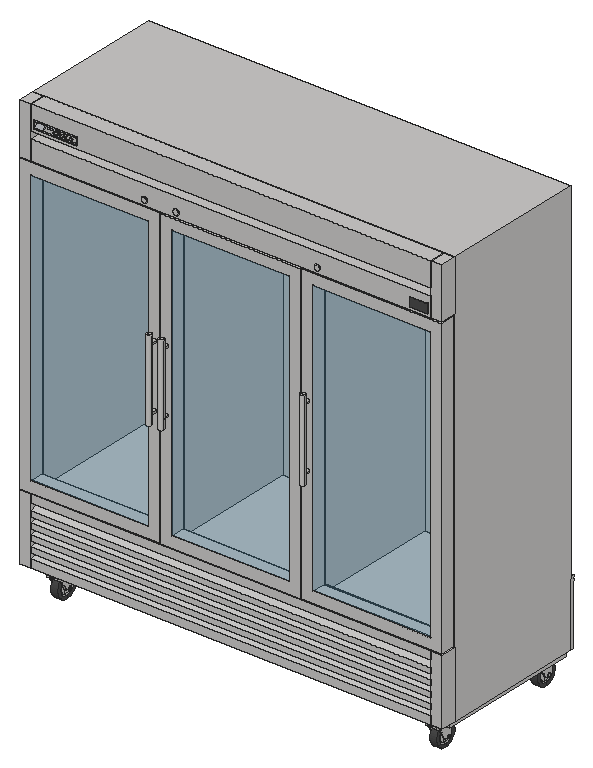
Revit family "QF_TRUE_T-72FG-HC~FGD01", category Specialty Equipment, Revit 2015 (continued)
Definition of nested family "T-72FG-HC-FGD01"
  Forms (in)
    Extrusion 53, solid
      sketch origin (-0.05149, -26.8125, 18.875) x (0, -1, 0) y (-1, 0, 0)
        loop
          line (0, -1.157) -> (2.06523, -1.11503)
          arc (2.06523, -1.11503) -> (2.48736, -0.68546) -> (2.06523, -0.25589) r 0.42963
          line (2.06523, -0.25589) -> (0, -0.21392) -> (0, -1.157)
        loop
          circle (2.05773, -0.68546) r 0.25
      from 0 to 0.15489
    Extrusion 54, solid
      sketch origin (-0.05149, -26.8125, 18.875) x (0, -1, 0) y (-1, 0, 0)
        loop
          circle (2.05773, -0.68546) r 0.25
      from 0 to 0.25
    Extrusion 55, solid
      sketch origin (24.98442, -26.46875, 73.625) x (-1, 0, 0) y (0, -1, 0)
        loop
          line (24.5625, 1.62139) -> (24.5625, 2.6725) -> (21.0974, 2.6725) -> (21.0974, 1.62139) -> (24.5625, 1.62139)
        loop
          circle (24.12704, 2.16728) r 0.25
        loop
          circle (22.47678, 2.15567) r 0.25
        loop
          circle (21.47678, 2.15567) r 0.25
      from 0 to 0.11097
    Extrusion 56, solid
      sketch origin (24.98442, -26.46875, 73.625) x (-1, 0, 0) y (0, -1, 0)
        loop
          circle (22.47678, 2.15567) r 0.25
        loop
          circle (21.47678, 2.15567) r 0.25
      from 0 to 0.25
    Extrusion 57, solid
      sketch origin (24.98442, -26.46875, 73.625) x (-1, 0, 0) y (0, -1, 0)
        loop
          circle (24.12704, 2.16728) r 0.25
      from 0 to 0.25
    Extrusion 58, solid
      sketch origin (0.17192, -26.8125, 74.11977) x (-1, 0, 0) y (0, 1, 0)
        loop
          line (-0.22917, -2.35477) -> (-0.27027, 0) -> (-1.18806, 0) -> (-1.22917, -2.35477) -> (-0.22917, -2.35477)
        loop
          circle (-0.6841, -1.82353) r 0.25
      from 0.24477 to 0.38381
    Extrusion 59, solid, not visible
      sketch origin (78.09841, -26.75, 18.875) x (0, 1, 0) y (1, 0, 0)
        loop
          line (0, -1.157) -> (0, -0.21392) -> (-2.06523, -0.25589)
          arc (-2.06523, -0.25589) -> (-2.48736, -0.68546) -> (-2.06523, -1.11503) r 0.42963
          line (-2.06523, -1.11503) -> (0, -1.157)
        loop
          circle (-2.05773, -0.68546) r 0.25
      from 0 to 0.15489
    Extrusion 60, solid, not visible
      sketch origin (78.09841, -26.75, 18.875) x (0, 1, 0) y (1, 0, 0)
        loop
          circle (-2.05773, -0.68546) r 0.25
      from 0 to 0.25
    Extrusion 61, solid, not visible
      sketch origin (53.3125, -26.40625, 73.625) x (1, 0, 0) y (0, 1, 0)
        loop
          line (24.5625, -1.62139) -> (21.0974, -1.62139) -> (21.0974, -2.6725) -> (24.5625, -2.6725) -> (24.5625, -1.62139)
        loop
          circle (24.12704, -2.16728) r 0.25
        loop
          circle (22.47678, -2.15567) r 0.25
        loop
          circle (21.47678, -2.15567) r 0.25
      from 0 to 0.11097
    Extrusion 62, solid, not visible
      sketch origin (53.3125, -26.40625, 73.625) x (1, 0, 0) y (0, 1, 0)
        loop
          circle (22.47678, -2.15567) r 0.25
        loop
          circle (21.47678, -2.15567) r 0.25
      from 0 to 0.25
    Extrusion 63, solid, not visible
      sketch origin (53.3125, -26.40625, 73.625) x (1, 0, 0) y (0, 1, 0)
        loop
          circle (24.12704, -2.16728) r 0.25
      from 0 to 0.25
    Extrusion 64, solid, not visible
      sketch origin (78.125, -26.75, 74.11977) x (-1, 0, 0) y (0, 1, 0)
        loop
          line (0.22917, -2.35477) -> (1.22917, -2.35477) -> (1.18806, 0) -> (0.27027, 0) -> (0.22917, -2.35477)
        loop
          circle (0.6841, -1.82353) r 0.25
      from 0.24477 to 0.38381
    Extrusion 65, solid, not visible
      sketch origin (-0.05149, -26.75, 18.875) x (0, -1, 0) y (-1, 0, 0)
        loop
          line (0, -1.157) -> (2.06523, -1.11503)
          arc (2.06523, -1.11503) -> (2.48736, -0.68546) -> (2.06523, -0.25589) r 0.42963
          line (2.06523, -0.25589) -> (0, -0.21392) -> (0, -1.157)
        loop
          circle (2.05773, -0.68546) r 0.25
      from 0 to 0.15489
    Extrusion 66, solid, not visible
      sketch origin (-0.05149, -26.75, 18.875) x (0, -1, 0) y (-1, 0, 0)
        loop
          circle (2.05773, -0.68546) r 0.25
      from 0 to 0.25
    Extrusion 67, solid, not visible
      sketch origin (24.98442, -26.40625, 73.625) x (-1, 0, 0) y (0, -1, 0)
        loop
          line (24.5625, 1.62139) -> (24.5625, 2.6725) -> (21.0974, 2.6725) -> (21.0974, 1.62139) -> (24.5625, 1.62139)
        loop
          circle (24.12704, 2.16728) r 0.25
        loop
          circle (22.47678, 2.15567) r 0.25
        loop
          circle (21.47678, 2.15567) r 0.25
      from 0 to 0.11097
    Extrusion 68, solid, not visible
      sketch origin (24.98442, -26.40625, 73.625) x (-1, 0, 0) y (0, -1, 0)
        loop
          circle (22.47678, 2.15567) r 0.25
        loop
          circle (21.47678, 2.15567) r 0.25
      from 0 to 0.25
    Extrusion 69, solid, not visible
      sketch origin (24.98442, -26.40625, 73.625) x (-1, 0, 0) y (0, -1, 0)
        loop
          circle (24.12704, 2.16728) r 0.25
      from 0 to 0.25
    Extrusion 70, solid, not visible
      sketch origin (0.17192, -26.75, 74.11977) x (-1, 0, 0) y (0, 1, 0)
        loop
          line (-0.22917, -2.35477) -> (-0.27027, 0) -> (-1.18806, 0) -> (-1.22917, -2.35477) -> (-0.22917, -2.35477)
        loop
          circle (-0.6841, -1.82353) r 0.25
      from 0.24477 to 0.38381
    Extrusion 71, solid
      sketch origin (50.3081, -26.8125, 18.875) x (0, -1, 0) y (-1, 0, 0)
        loop
          line (0, -1.157) -> (2.06523, -1.11503)
          arc (2.06523, -1.11503) -> (2.48736, -0.68546) -> (2.06523, -0.25589) r 0.42963
          line (2.06523, -0.25589) -> (0, -0.21392) -> (0, -1.157)
        loop
          circle (2.05773, -0.68546) r 0.25
      from 0 to 0.15489
    Extrusion 72, solid
      sketch origin (50.3081, -26.8125, 18.875) x (0, -1, 0) y (-1, 0, 0)
        loop
          circle (2.05773, -0.68546) r 0.25
      from 0 to 0.25
    Extrusion 73, solid
      sketch origin (72.5625, -26.46875, 73.625) x (-1, 0, 0) y (0, -1, 0)
        loop
          line (24.5625, 1.62139) -> (24.5625, 2.6725) -> (21.0974, 2.6725) -> (21.0974, 1.62139) -> (24.5625, 1.62139)
        loop
          circle (24.12704, 2.16728) r 0.25
        loop
          circle (22.47678, 2.15567) r 0.25
        loop
          circle (21.47678, 2.15567) r 0.25
      from 0 to 0.11097
    Extrusion 74, solid
      sketch origin (72.5625, -26.46875, 73.625) x (-1, 0, 0) y (0, -1, 0)
        loop
          circle (22.47678, 2.15567) r 0.25
        loop
          circle (21.47678, 2.15567) r 0.25
      from 0 to 0.25
    Extrusion 75, solid
      sketch origin (72.5625, -26.46875, 73.625) x (-1, 0, 0) y (0, -1, 0)
        loop
          circle (24.12704, 2.16728) r 0.25
      from 0 to 0.25
    Extrusion 76, solid
      sketch origin (47.75, -26.8125, 74.11977) x (-1, 0, 0) y (0, 1, 0)
        loop
          line (-0.22917, -2.35477) -> (-0.27027, 0) -> (-1.18806, 0) -> (-1.22917, -2.35477) -> (-0.22917, -2.35477)
        loop
          circle (-0.6841, -1.82353) r 0.25
      from 0.24477 to 0.38381
    Extrusion 77, solid, not visible
      sketch origin (50.3081, -26.75, 18.875) x (0, -1, 0) y (-1, 0, 0)
        loop
          line (0, -1.157) -> (2.06523, -1.11503)
          arc (2.06523, -1.11503) -> (2.48736, -0.68546) -> (2.06523, -0.25589) r 0.42963
          line (2.06523, -0.25589) -> (0, -0.21392) -> (0, -1.157)
        loop
          circle (2.05773, -0.68546) r 0.25
      from 0 to 0.15489
    Extrusion 78, solid, not visible
      sketch origin (50.3081, -26.75, 18.875) x (0, -1, 0) y (-1, 0, 0)
        loop
          circle (2.05773, -0.68546) r 0.25
      from 0 to 0.25
    Extrusion 79, solid, not visible
      sketch origin (72.5625, -26.40625, 73.625) x (-1, 0, 0) y (0, -1, 0)
        loop
          line (24.5625, 1.62139) -> (24.5625, 2.6725) -> (21.0974, 2.6725) -> (21.0974, 1.62139) -> (24.5625, 1.62139)
        loop
          circle (24.12704, 2.16728) r 0.25
        loop
          circle (22.47678, 2.15567) r 0.25
        loop
          circle (21.47678, 2.15567) r 0.25
      from 0 to 0.11097
    Extrusion 80, solid, not visible
      sketch origin (72.5625, -26.40625, 73.625) x (-1, 0, 0) y (0, -1, 0)
        loop
          circle (22.47678, 2.15567) r 0.25
        loop
          circle (21.47678, 2.15567) r 0.25
      from 0 to 0.25
    Extrusion 81, solid, not visible
      sketch origin (72.5625, -26.40625, 73.625) x (-1, 0, 0) y (0, -1, 0)
        loop
          circle (24.12704, 2.16728) r 0.25
      from 0 to 0.25
    Extrusion 82, solid, not visible
      sketch origin (47.75, -26.75, 74.11977) x (-1, 0, 0) y (0, 1, 0)
        loop
          line (-0.22917, -2.35477) -> (-0.27027, 0) -> (-1.18806, 0) -> (-1.22917, -2.35477) -> (-0.22917, -2.35477)
        loop
          circle (-0.6841, -1.82353) r 0.25
      from 0.24477 to 0.38381
  Cuts and joins
    joined: Extrusion 1, Extrusion 6, Extrusion 11, Extrusion 14, Extrusion 15
  Lines and regions (in)
    symbolic lines
      curve 1: line (0, -29.875, 0) -> (78.125, -29.875, 0)
      curve 2: line (0, 0.625, 0) -> (0, -29.875, 0)
      curve 3: line (78.125, 0.625, 0) -> (0, 0.625, 0)
      curve 4: line (78.125, -29.875, 0) -> (78.125, 0.625, 0)
      curve 5: line (0, 0, 0) -> (78.125, 0, 0)
      curve 6: line (0, -26.875, 0) -> (78.125, -26.875, 0)
      curve 7: line (2, -29.875, 0) -> (2, -26.875, 0)
      curve 8: line (76.125, -29.875, 0) -> (76.125, -26.875, 0)
      curve 9: line (0, -29.875, 0) -> (22.13145, -42.6526, 0)
      curve 10: arc (25.875, -29.875, 0) -> (24.84728, -36.51109, 0) -> (22.13145, -42.6526, 0) r 25.63514
      curve 11: line (52, -29.875, 0) -> (29.86855, -42.6526, 0)
      curve 12: arc (26.125, -29.875, 0) -> (27.15272, -36.51109, 0) -> (29.86855, -42.6526, 0) r 25.63514
      curve 13: line (78.125, -29.875, 0) -> (55.99355, -42.6526, 0)
      curve 14: arc (52.25, -29.875, 0) -> (53.27772, -36.51109, 0) -> (55.99355, -42.6526, 0) r 25.63514
      curve 29: line (24.87963, -29.875, 53.71875) -> (24.87963, -29.875, 38.78125)
      curve 30: line (27.12963, -29.875, 53.71875) -> (27.12963, -29.875, 38.78125)
      curve 31: line (53.25463, -29.875, 53.71875) -> (53.25463, -29.875, 38.78125)
      curve 32: arc (24.44213, -31.0625, 0) -> (24.87963, -30.625, 0) -> (25.31713, -31.0625, 0) r 0.4375
      curve 33: arc (25.31713, -31.0625, 0) -> (24.87963, -31.5, 0) -> (24.44213, -31.0625, 0) r 0.4375
      curve 34: line (24.56137, -29.875, 0) -> (24.56137, -30.7623, 0)
      curve 35: line (25.19788, -29.875, 0) -> (25.19788, -30.7623, 0)
      curve 36: arc (26.69213, -31.0625, 0) -> (27.12963, -30.625, 0) -> (27.56713, -31.0625, 0) r 0.4375
      curve 37: arc (27.56713, -31.0625, 0) -> (27.12963, -31.5, 0) -> (26.69213, -31.0625, 0) r 0.4375
      curve 38: line (26.81137, -29.875, 0) -> (26.81137, -30.7623, 0)
      curve 39: line (27.44788, -29.875, 0) -> (27.44788, -30.7623, 0)
      curve 40: arc (52.81713, -31.0625, 0) -> (53.25463, -30.625, 0) -> (53.69213, -31.0625, 0) r 0.4375
      curve 41: arc (53.69213, -31.0625, 0) -> (53.25463, -31.5, 0) -> (52.81713, -31.0625, 0) r 0.4375
      curve 42: line (52.93637, -29.875, 0) -> (52.93637, -30.7623, 0)
      curve 43: line (53.57288, -29.875, 0) -> (53.57288, -30.7623, 0)
    symbolic lines, not visible
      curve 15: line (0, -29.8125, 0) -> (78.125, -29.8125, 0)
      curve 16: line (0, 0.6875, 0) -> (0, -29.8125, 0)
      curve 17: line (78.125, 0.6875, 0) -> (0, 0.6875, 0)
      curve 18: line (78.125, -29.8125, 0) -> (78.125, 0.6875, 0)
      curve 19: line (0, 0.0625, 0) -> (78.125, 0.0625, 0)
      curve 20: line (0, -26.8125, 0) -> (78.125, -26.8125, 0)
      curve 21: line (2, -29.8125, 0) -> (2, -26.8125, 0)
      curve 22: line (76.125, -29.8125, 0) -> (76.125, -26.8125, 0)
      curve 23: line (0, -29.8125, 0) -> (22.13145, -42.5901, 0)
      curve 24: arc (25.875, -29.8125, 0) -> (24.84728, -36.44859, 0) -> (22.13145, -42.5901, 0) r 25.63514
      curve 25: line (52, -29.8125, 0) -> (29.86855, -42.5901, 0)
      curve 26: arc (26.125, -29.8125, 0) -> (27.15272, -36.44859, 0) -> (29.86855, -42.5901, 0) r 25.63514
      curve 27: line (78.125, -29.8125, 0) -> (55.99355, -42.5901, 0)
      curve 28: arc (52.25, -29.8125, 0) -> (53.27772, -36.44859, 0) -> (55.99355, -42.5901, 0) r 25.63514
      curve 44: line (24.87963, -29.8125, 53.71875) -> (24.87963, -29.8125, 38.78125)
      curve 45: line (27.12963, -29.8125, 53.71875) -> (27.12963, -29.8125, 38.78125)
      curve 46: line (53.25463, -29.8125, 53.71875) -> (53.25463, -29.8125, 38.78125)
      curve 47: arc (24.44213, -31, 0) -> (24.87963, -30.5625, 0) -> (25.31713, -31, 0) r 0.4375
      curve 48: arc (25.31713, -31, 0) -> (24.87963, -31.4375, 0) -> (24.44213, -31, 0) r 0.4375
      curve 49: line (24.56137, -29.8125, 0) -> (24.56137, -30.6998, 0)
      curve 50: line (25.19788, -29.8125, 0) -> (25.19788, -30.6998, 0)
      curve 51: arc (26.69213, -31, 0) -> (27.12963, -30.5625, 0) -> (27.56713, -31, 0) r 0.4375
      curve 52: arc (27.56713, -31, 0) -> (27.12963, -31.4375, 0) -> (26.69213, -31, 0) r 0.4375
      curve 53: line (26.81137, -29.8125, 0) -> (26.81137, -30.6998, 0)
      curve 54: line (27.44788, -29.8125, 0) -> (27.44788, -30.6998, 0)
      curve 55: arc (52.81713, -31, 0) -> (53.25463, -30.5625, 0) -> (53.69213, -31, 0) r 0.4375
      curve 56: arc (53.69213, -31, 0) -> (53.25463, -31.4375, 0) -> (52.81713, -31, 0) r 0.4375
      curve 57: line (52.93637, -29.8125, 0) -> (52.93637, -30.6998, 0)
      curve 58: line (53.57288, -29.8125, 0) -> (53.57288, -30.6998, 0)
  Dimensions and locks (in)
    equal spacing: plane 3 "LEFT", plane 7 "Center Y", plane 4 "RIGHT"
    plane 3 "LEFT" to plane 4 "RIGHT" = 78 1/8"
    equal spacing: plane 5 "FRONT", plane 8 "Center X", plane 1 "BACK"
    plane 5 "FRONT" to plane 1 "BACK" = 29 7/8"  (x2)
    plane 6 "TOP" to level = 83 3/8"
    plane 4 "RIGHT" to plane 3 "LEFT" = 78 1/8"  (x2)
    plane 1 "BACK" to plane 9 = 54 7/8"  (x2)
    plane 11 to Extrusion 2 = 1/4"
    plane 6 "TOP" to plane 16 = 78 3/8"
    plane 6 "TOP" to plane 17 = 77"
    plane 24 to plane 1 "BACK" = 5/8"
    plane 25 to plane 5 "FRONT" = 1 5/8"  (x2)
    plane 5 "FRONT" to plane 24 = 30 1/2"  (x2)
    plane 25 to plane 24 = 32 1/8"  (x2)
    plane 1 "BACK" to plane 10 = 54 7/8"
    plane 1 "BACK" to plane 24 = 5/8"
    aligned and locked: level to plane 2
  Automatic sketch dimensions
    Extrusion 1 sketch curve to Extrusion 1 sketch curve = 2"
    Extrusion 2 sketch curve to Extrusion 2 sketch curve = 4 1/2"
    Extrusion 2 sketch curve to Extrusion 2 sketch curve = 1 1/4"  (x2)
    Extrusion 2 sketch curve to Extrusion 2 sketch curve = 3 3/4"
    Extrusion 2 sketch curve to Extrusion 2 sketch curve = 1 1/2"
    Extrusion 2 sketch curve to Extrusion 2 sketch curve = 1"  (x7)
    Extrusion 2 sketch curve to Extrusion 2 sketch curve = 2"
    Extrusion 2 sketch curve to Extrusion 2 sketch curve = 2 1/2"
    Extrusion 2 sketch curve to Extrusion 2 sketch curve = 0"  (x9)
    Extrusion 2 sketch curve to Extrusion 2 sketch curve = 2.0503"  (x2)
    Extrusion 2 sketch curve to Extrusion 2 sketch curve = 0.51258"
    Extrusion 2 sketch curve to Extrusion 2 sketch curve = 2.80755"
    Extrusion 2 sketch curve to Extrusion 2 sketch curve = 0.43712"
    Extrusion 2 sketch curve to Extrusion 2 sketch curve = 3"
    Extrusion 3 sketch curve to Extrusion 3 sketch curve = 21 7/8"  (x3)
    Extrusion 3 sketch curve to Extrusion 3 sketch curve = 4.25462"
    Extrusion 3 sketch curve to Extrusion 3 sketch curve = 4.24538"
    Extrusion 3 sketch curve to Extrusion 3 sketch curve = 0"  (x4)
    Extrusion 4 sketch curve to plane 9 = 0"  (x3)
    plane 9 to Extrusion 4 sketch curve = 25"  (x2)
    Extrusion 4 sketch curve to Extrusion 4 sketch curve = 0"
    Extrusion 4 sketch curve to Extrusion 4 sketch curve = 0.56966"  (x3)
    Extrusion 4 sketch curve to Extrusion 4 sketch curve = 0.30981"
    Extrusion 4 sketch curve to Extrusion 4 sketch curve = 1/4"  (x2)
    Extrusion 4 sketch curve to Extrusion 4 sketch curve = 25.56519"  (x2)
    Extrusion 6 sketch curve to Extrusion 1 = 0"  (x4)
    Extrusion 1 to Extrusion 6 sketch curve = 0"
    Extrusion 1 to Extrusion 6 sketch curve = 2"
    Extrusion 1 to Extrusion 6 sketch curve = 12 1/4"
    Extrusion 1 to Extrusion 6 sketch curve = 2 11/16"
    Extrusion 7 sketch curve to plane 11 = 0"  (x3)
    Extrusion 7 sketch curve to Extrusion 7 sketch curve = 2"  (x8)
    Extrusion 7 sketch curve to Extrusion 7 sketch curve = 21 7/8"  (x2)
    Extrusion 7 sketch curve to Extrusion 7 sketch curve = 1/4"  (x2)
    Extrusion 7 sketch curve to Extrusion 7 sketch curve = 1.99538"  (x2)
    plane 11 to Extrusion 7 sketch curve = 2"  (x3)
    Extrusion 7 sketch curve to Extrusion 7 sketch curve = 21.88423"
    Extrusion 7 sketch curve to Extrusion 7 sketch curve = 0"
    Extrusion 8 sketch curve to Extrusion 8 sketch curve = 9 1/2"
    Extrusion 8 sketch curve to Extrusion 8 sketch curve = 12 1/4"
    Extrusion 8 sketch curve to Extrusion 8 sketch curve = 0"
    Extrusion 8 sketch curve to Extrusion 8 sketch curve = 3"  (x2)
    Extrusion 9 sketch curve to Extrusion 1 = 1/4"  (x2)
    Extrusion 1 to Extrusion 9 sketch curve = 22 1/8"
    Extrusion 9 sketch curve to Extrusion 9 sketch curve = 1 1/2"  (x5)
    Extrusion 9 sketch curve to Extrusion 9 sketch curve = 3/4"  (x2)
    Extrusion 9 sketch curve to Extrusion 9 sketch curve = 22 3/8"  (x2)
    Extrusion 9 sketch curve to Extrusion 1 = 12.62866"  (x2)
    Extrusion 9 sketch curve to Extrusion 9 sketch curve = 0"  (x3)
    Extrusion 9 sketch curve to Extrusion 9 sketch curve = 1.62134"  (x5)
    Extrusion 9 sketch curve to Extrusion 1 = 11 1/2"  (x2)
    Extrusion 10 sketch curve to Extrusion 10 sketch curve = 9 1/2"
    Extrusion 10 sketch curve to Extrusion 10 sketch curve = 12 1/4"
    Extrusion 10 sketch curve to Extrusion 10 sketch curve = 0"
    Extrusion 10 sketch curve to Extrusion 10 sketch curve = 3"  (x2)
    Extrusion 11 sketch curve to Extrusion 11 sketch curve = 2"
    Extrusion 12 sketch curve to Extrusion 12 sketch curve = 1 3/4"
    Extrusion 12 sketch curve to Extrusion 12 sketch curve = 3 1/4"
    Extrusion 13 sketch curve to Extrusion 13 sketch curve = 0"  (x2)
    Extrusion 13 sketch curve to Extrusion 13 sketch curve = 5.86763"
    Extrusion 13 sketch curve to Extrusion 13 sketch curve = 26 1/8"
    Extrusion 14 sketch curve to plane 13 = 0"
    Extrusion 14 sketch curve to plane 12 = 11 9/16"
    Extrusion 14 sketch curve to Extrusion 14 sketch curve = 2"
    Extrusion 15 sketch curve to plane 15 = 0"
    Extrusion 15 sketch curve to plane 14 = 11 9/16"
    Extrusion 15 sketch curve to Extrusion 15 sketch curve = 2"
    Extrusion 16 sketch curve to Extrusion 16 sketch curve = 76 1/8"
    Extrusion 16 sketch curve to Extrusion 16 sketch curve = 1 3/8"
    Revolve 35 sketch curve to Revolve 35 sketch curve = 7/16"
    Revolve 35 sketch curve to Revolve 35 sketch curve = 0"  (x2)
    Revolve 35 sketch curve to Revolve 35 sketch curve = 25/64"
    Extrusion 36 sketch curve to Extrusion 36 sketch curve = 0"
    curve 29 to curve 30 = 2 1/4"
    curve 30 to curve 31 = 26 1/8"
    curve 30 to curve 29 = 0"
    curve 29 to curve 30 = 0"
    Revolve 37 sketch curve to Revolve 37 sketch curve = 7/16"
    Revolve 37 sketch curve to Revolve 37 sketch curve = 0"  (x2)
    Revolve 37 sketch curve to Revolve 37 sketch curve = 25/64"
    Extrusion 38 sketch curve to Extrusion 38 sketch curve = 0"
    Revolve 39 sketch curve to Revolve 39 sketch curve = 7/16"
    Revolve 39 sketch curve to Revolve 39 sketch curve = 0"  (x2)
    Revolve 39 sketch curve to Revolve 39 sketch curve = 25/64"
    Extrusion 40 sketch curve to Extrusion 40 sketch curve = 0"
    Extrusion 1 sketch curve to Extrusion 1 sketch curve = 77"
    Extrusion 2 sketch curve to Extrusion 2 sketch curve = 55 1/4"
    Extrusion 3 sketch curve to Extrusion 3 sketch curve = 50 3/4"
    plane 11 to Extrusion 7 sketch curve = 54 3/4"
    Extrusion 8 sketch curve to Extrusion 8 sketch curve = 55 1/4"
    Extrusion 10 sketch curve to Extrusion 10 sketch curve = 55 1/4"
    Extrusion 11 sketch curve to Extrusion 11 sketch curve = 77"
    Revolve 35 sketch curve to Revolve 35 sketch curve = 14 15/16"
    Extrusion 36 sketch curve to Extrusion 36 sketch curve = 11.57772"
    curve 31 to curve 30 = 0"
    curve 31 to curve 31 = 14 15/16"
    curve 30 to curve 30 = 14 15/16"
    Revolve 37 sketch curve to Revolve 37 sketch curve = 14 15/16"
    Extrusion 38 sketch curve to Extrusion 38 sketch curve = 11.57772"
    Revolve 39 sketch curve to Revolve 39 sketch curve = 14 15/16"
    Extrusion 40 sketch curve to Extrusion 40 sketch curve = 11.57772"
    curve 32 to curve 33 = 0"  (x2)
    curve 36 to curve 37 = 0"  (x2)
    curve 40 to curve 41 = 0"  (x2)
    curve 1 to curve 10 = 0.24623"
    curve 1 to curve 9 = 22.13145"
    curve 10 to curve 32 = 2.74817"
    curve 32 to curve 37 = 2 1/4"
    curve 9 to curve 11 = 7.73709"
    curve 36 to curve 12 = 24.62415"
    curve 12 to curve 41 = 1.50085"
    curve 40 to curve 13 = 2.73892"
    curve 40 to curve 14 = 24.62415"
    curve 14 to curve 13 = 0.24623"
    curve 9 to curve 13 = 0"
    curve 9 to curve 11 = 0"
    curve 14 to curve 40 = 11.5901"
    curve 12 to curve 37 = 11.5901"
    curve 33 to curve 36 = 0"
    curve 40 to curve 13 = 1 3/16"
    curve 11 to curve 12 = 0.57146"
    curve 1 to curve 14 = 0.57146"
    curve 1 to curve 10 = 0.57146"
    curve 10 to curve 3 = 29.92854"
    curve 10 to curve 7 = 1.75377"
    curve 32 to curve 32 = 7/16"
    curve 32 to curve 34 = 0.11925"
    curve 34 to curve 35 = 0.6365"
    curve 36 to curve 36 = 7/16"
    curve 36 to curve 38 = 0.11925"
    curve 39 to curve 36 = 0.11925"
    curve 11 to curve 14 = 1/4"
    curve 41 to curve 40 = 7/16"
    curve 40 to curve 42 = 0.11925"
    curve 42 to curve 43 = 0.6365"
    curve 8 to curve 14 = 1.75377"
    curve 10 to curve 7 = 2.42854"
    curve 5 to curve 2 = 5/8"
    Extrusion 17 sketch curve to Extrusion 17 sketch curve = 2"
    Extrusion 18 sketch curve to Extrusion 18 sketch curve = 4 1/2"
    Extrusion 18 sketch curve to Extrusion 18 sketch curve = 1 1/4"  (x2)
    Extrusion 18 sketch curve to Extrusion 18 sketch curve = 3 3/4"
    Extrusion 18 sketch curve to Extrusion 18 sketch curve = 1 1/2"
    Extrusion 18 sketch curve to Extrusion 18 sketch curve = 1"  (x7)
    Extrusion 18 sketch curve to Extrusion 18 sketch curve = 2"
    Extrusion 18 sketch curve to Extrusion 18 sketch curve = 2 1/2"
    Extrusion 18 sketch curve to Extrusion 18 sketch curve = 0"  (x9)
    Extrusion 18 sketch curve to Extrusion 18 sketch curve = 2.0503"  (x2)
    Extrusion 18 sketch curve to Extrusion 18 sketch curve = 0.51258"
    Extrusion 18 sketch curve to Extrusion 18 sketch curve = 2.80755"
    Extrusion 18 sketch curve to Extrusion 18 sketch curve = 0.43712"
    Extrusion 18 sketch curve to Extrusion 18 sketch curve = 3"
    Extrusion 19 sketch curve to Extrusion 19 sketch curve = 21 7/8"  (x3)
    Extrusion 19 sketch curve to Extrusion 19 sketch curve = 4.25462"
    Extrusion 19 sketch curve to Extrusion 19 sketch curve = 4.24538"
    Extrusion 19 sketch curve to Extrusion 19 sketch curve = 0"  (x4)
    Extrusion 20 sketch curve to plane 18 = 0"  (x3)
    plane 18 to Extrusion 20 sketch curve = 25"  (x2)
    Extrusion 20 sketch curve to Extrusion 20 sketch curve = 0"
    Extrusion 20 sketch curve to Extrusion 20 sketch curve = 0.56966"  (x3)
    Extrusion 20 sketch curve to Extrusion 20 sketch curve = 0.30981"
    Extrusion 20 sketch curve to Extrusion 20 sketch curve = 1/4"  (x2)
    Extrusion 20 sketch curve to Extrusion 20 sketch curve = 25.56519"  (x2)
    Extrusion 22 sketch curve to Extrusion 17 = 0"  (x4)
    Extrusion 17 to Extrusion 22 sketch curve = 0"
    Extrusion 17 to Extrusion 22 sketch curve = 2"
    Extrusion 17 to Extrusion 22 sketch curve = 12 1/4"
    Extrusion 17 to Extrusion 22 sketch curve = 2 11/16"
    Extrusion 23 sketch curve to plane 19 = 0"  (x3)
    Extrusion 23 sketch curve to Extrusion 23 sketch curve = 2"  (x8)
    Extrusion 23 sketch curve to Extrusion 23 sketch curve = 21 7/8"  (x2)
    Extrusion 23 sketch curve to Extrusion 23 sketch curve = 1/4"  (x2)
    Extrusion 23 sketch curve to Extrusion 23 sketch curve = 1.99538"  (x2)
    plane 19 to Extrusion 23 sketch curve = 2"  (x3)
    Extrusion 23 sketch curve to Extrusion 23 sketch curve = 21.88423"
    Extrusion 23 sketch curve to Extrusion 23 sketch curve = 0"
    Extrusion 24 sketch curve to Extrusion 24 sketch curve = 9 1/2"
    Extrusion 24 sketch curve to Extrusion 24 sketch curve = 12 1/4"
    Extrusion 24 sketch curve to Extrusion 24 sketch curve = 0"
    Extrusion 24 sketch curve to Extrusion 24 sketch curve = 3"  (x2)
    Extrusion 25 sketch curve to Extrusion 17 = 1/4"  (x2)
    Extrusion 17 to Extrusion 25 sketch curve = 22 1/8"
    Extrusion 25 sketch curve to Extrusion 25 sketch curve = 1 1/2"  (x5)
    Extrusion 25 sketch curve to Extrusion 25 sketch curve = 3/4"  (x2)
    Extrusion 25 sketch curve to Extrusion 25 sketch curve = 22 3/8"  (x2)
    Extrusion 25 sketch curve to Extrusion 17 = 12.62866"  (x2)
    Extrusion 25 sketch curve to Extrusion 25 sketch curve = 0"  (x3)
    Extrusion 25 sketch curve to Extrusion 25 sketch curve = 1.62134"  (x5)
    Extrusion 25 sketch curve to Extrusion 17 = 11 1/2"  (x2)
    Extrusion 26 sketch curve to Extrusion 26 sketch curve = 9 1/2"
    Extrusion 26 sketch curve to Extrusion 26 sketch curve = 12 1/4"
    Extrusion 26 sketch curve to Extrusion 26 sketch curve = 0"
    Extrusion 26 sketch curve to Extrusion 26 sketch curve = 3"  (x2)
    Extrusion 27 sketch curve to Extrusion 27 sketch curve = 2"
    Extrusion 28 sketch curve to Extrusion 28 sketch curve = 1 3/4"
    Extrusion 28 sketch curve to Extrusion 28 sketch curve = 3 1/4"
    Extrusion 29 sketch curve to Extrusion 29 sketch curve = 0"  (x2)
    Extrusion 29 sketch curve to Extrusion 29 sketch curve = 5.86763"
    Extrusion 29 sketch curve to Extrusion 29 sketch curve = 26 1/8"
    Extrusion 30 sketch curve to plane 21 = 0"
    Extrusion 30 sketch curve to plane 20 = 11 9/16"
    Extrusion 30 sketch curve to Extrusion 30 sketch curve = 2"
    Extrusion 31 sketch curve to plane 23 = 0"
    Extrusion 31 sketch curve to plane 22 = 11 9/16"
    Extrusion 31 sketch curve to Extrusion 31 sketch curve = 2"
    Extrusion 32 sketch curve to Extrusion 32 sketch curve = 76 1/8"
    Extrusion 32 sketch curve to Extrusion 32 sketch curve = 1 3/8"
    curve 44 to curve 45 = 2 1/4"
    curve 45 to curve 46 = 26 1/8"
    curve 45 to curve 44 = 0"
    curve 44 to curve 45 = 0"
    Extrusion 17 sketch curve to Extrusion 17 sketch curve = 77"
    Extrusion 18 sketch curve to Extrusion 18 sketch curve = 55 1/4"
    Extrusion 19 sketch curve to Extrusion 19 sketch curve = 50 3/4"
    plane 19 to Extrusion 23 sketch curve = 54 3/4"
    Extrusion 24 sketch curve to Extrusion 24 sketch curve = 55 1/4"
    Extrusion 26 sketch curve to Extrusion 26 sketch curve = 55 1/4"
    Extrusion 27 sketch curve to Extrusion 27 sketch curve = 77"
    curve 46 to curve 45 = 0"
    curve 46 to curve 46 = 14 15/16"
    curve 45 to curve 45 = 14 15/16"
    curve 47 to curve 48 = 0"  (x2)
    curve 51 to curve 52 = 0"  (x2)
    curve 55 to curve 56 = 0"  (x2)
    curve 15 to curve 24 = 0.24623"
    curve 15 to curve 23 = 22.13145"
    curve 24 to curve 47 = 2.74817"
    curve 47 to curve 52 = 2 1/4"
    curve 23 to curve 25 = 7.73709"
    curve 51 to curve 26 = 24.62415"
    curve 26 to curve 56 = 1.50085"
    curve 55 to curve 27 = 2.73892"
    curve 55 to curve 28 = 24.62415"
    curve 28 to curve 27 = 0.24623"
    curve 23 to curve 27 = 0"
    curve 23 to curve 25 = 0"
    curve 28 to curve 55 = 11.5901"
    curve 26 to curve 52 = 11.5901"
    curve 48 to curve 51 = 0"
    curve 55 to curve 27 = 1 3/16"
    curve 25 to curve 26 = 0.57146"
    curve 15 to curve 28 = 0.57146"
    curve 15 to curve 24 = 0.57146"
    curve 24 to curve 17 = 29.92854"
    curve 24 to curve 21 = 1.75377"
    curve 47 to curve 47 = 7/16"
    curve 47 to curve 49 = 0.11925"
    curve 49 to curve 50 = 0.6365"
    curve 51 to curve 51 = 7/16"
    curve 51 to curve 53 = 0.11925"
    curve 54 to curve 51 = 0.11925"
    curve 25 to curve 28 = 1/4"
    curve 56 to curve 55 = 7/16"
    curve 55 to curve 57 = 0.11925"
    curve 57 to curve 58 = 0.6365"
    curve 22 to curve 28 = 1.75377"
    curve 24 to curve 21 = 2.42854"
    curve 19 to curve 16 = 5/8"
    Extrusion 5 sketch curve to Extrusion 1 = 0"  (x2)
    Extrusion 5 sketch curve to Extrusion 1 = 3/8"
    Extrusion 5 sketch curve to Extrusion 5 sketch curve = 11.18144"
    Extrusion 5 sketch curve to Extrusion 5 sketch curve = 0.34482"
    Extrusion 5 sketch curve to Extrusion 5 sketch curve = 0.3805"
    Extrusion 5 sketch curve to Extrusion 5 sketch curve = 0.16647"
    Extrusion 5 sketch curve to Extrusion 1 = 0.32496"
    Extrusion 5 sketch curve to Extrusion 5 sketch curve = 0.17678"
    Extrusion 5 sketch curve to Extrusion 5 sketch curve = 0.14819"
    Extrusion 5 sketch curve to Extrusion 5 sketch curve = 0"
    Extrusion 5 sketch curve to Extrusion 5 sketch curve = 1/4"
    Extrusion 5 sketch curve to Extrusion 5 sketch curve = 0.30004"
    Extrusion 21 sketch curve to Extrusion 17 = 0"  (x2)
    Extrusion 21 sketch curve to Extrusion 17 = 3/8"
    Extrusion 21 sketch curve to Extrusion 21 sketch curve = 11.18144"
    Extrusion 21 sketch curve to Extrusion 21 sketch curve = 0.34482"
    Extrusion 21 sketch curve to Extrusion 21 sketch curve = 0.3805"
    Extrusion 21 sketch curve to Extrusion 21 sketch curve = 0.16647"
    Extrusion 21 sketch curve to Extrusion 17 = 0.32496"
    Extrusion 21 sketch curve to Extrusion 21 sketch curve = 0.17678"
    Extrusion 21 sketch curve to Extrusion 21 sketch curve = 0.14819"
    Extrusion 21 sketch curve to Extrusion 21 sketch curve = 0"
    Extrusion 21 sketch curve to Extrusion 21 sketch curve = 1/4"
    Extrusion 21 sketch curve to Extrusion 21 sketch curve = 0.30004"
    Extrusion 47 sketch curve to Extrusion 47 sketch curve = 0"  (x3)
    Extrusion 47 sketch curve to Extrusion 47 sketch curve = 0.0075"
    Extrusion 47 sketch curve to Extrusion 47 sketch curve = 2.06523"
    Extrusion 47 sketch curve to Extrusion 47 sketch curve = 0.04197"
    Extrusion 47 sketch curve to Extrusion 47 sketch curve = 0.42957"
    Extrusion 47 sketch curve to Extrusion 47 sketch curve = 0.94308"
    Extrusion 49 sketch curve to Extrusion 49 sketch curve = 0.37938"
    Extrusion 49 sketch curve to Extrusion 49 sketch curve = 1"
    Extrusion 49 sketch curve to Extrusion 49 sketch curve = 1.65026"
    Extrusion 49 sketch curve to Extrusion 49 sketch curve = 0.43546"
    Extrusion 49 sketch curve to Extrusion 49 sketch curve = 0.50522"
    Extrusion 49 sketch curve to Extrusion 49 sketch curve = 0.51683"  (x2)
    Extrusion 49 sketch curve to Extrusion 49 sketch curve = 0.53428"
    Extrusion 50 sketch curve to Extrusion 50 sketch curve = 1"
    Extrusion 50 sketch curve to Extrusion 50 sketch curve = 0"
    Extrusion 51 sketch curve to Extrusion 51 sketch curve = 0"  (x2)
    Extrusion 51 sketch curve to Extrusion 51 sketch curve = 1/4"
    Extrusion 52 sketch curve to Extrusion 52 sketch curve = 0.0411"
    Extrusion 52 sketch curve to Extrusion 52 sketch curve = 0.45494"
    Extrusion 52 sketch curve to Extrusion 52 sketch curve = 0.91779"
    Extrusion 52 sketch curve to Extrusion 52 sketch curve = 0.54506"
    Extrusion 52 sketch curve to Extrusion 52 sketch curve = 1.82353"
    Extrusion 52 sketch curve to Extrusion 52 sketch curve = 17/32"
    Extrusion 53 sketch curve to Extrusion 53 sketch curve = 0"  (x2)
    Extrusion 53 sketch curve to Extrusion 53 sketch curve = 2.05773"
    Extrusion 53 sketch curve to Extrusion 53 sketch curve = 0.0075"  (x2)
    Extrusion 53 sketch curve to Extrusion 53 sketch curve = 0.04197"
    Extrusion 53 sketch curve to Extrusion 53 sketch curve = 0.42957"
    Extrusion 53 sketch curve to Extrusion 53 sketch curve = 0.94308"
    Extrusion 55 sketch curve to Extrusion 55 sketch curve = 0.37938"
    Extrusion 55 sketch curve to Extrusion 55 sketch curve = 1"
    Extrusion 55 sketch curve to Extrusion 55 sketch curve = 1.65026"
    Extrusion 55 sketch curve to Extrusion 55 sketch curve = 0.43546"
    Extrusion 55 sketch curve to Extrusion 55 sketch curve = 0.53428"  (x2)
    Extrusion 55 sketch curve to Extrusion 55 sketch curve = 0.5459"
    Extrusion 55 sketch curve to Extrusion 55 sketch curve = 0.51683"
    Extrusion 56 sketch curve to Extrusion 56 sketch curve = 1"
    Extrusion 56 sketch curve to Extrusion 56 sketch curve = 0"
    Extrusion 57 sketch curve to Extrusion 57 sketch curve = 0"  (x2)
    Extrusion 57 sketch curve to Extrusion 57 sketch curve = 1/4"
    Extrusion 58 sketch curve to Extrusion 58 sketch curve = 0.0411"
    Extrusion 58 sketch curve to Extrusion 58 sketch curve = 0.54506"
    Extrusion 58 sketch curve to Extrusion 58 sketch curve = 0.91779"
    Extrusion 58 sketch curve to Extrusion 58 sketch curve = 0.45494"
    Extrusion 58 sketch curve to Extrusion 58 sketch curve = 1.82353"
    Extrusion 58 sketch curve to Extrusion 58 sketch curve = 17/32"
    Extrusion 71 sketch curve to Extrusion 71 sketch curve = 0"  (x2)
    Extrusion 71 sketch curve to Extrusion 71 sketch curve = 2.05773"
    Extrusion 71 sketch curve to Extrusion 71 sketch curve = 0.0075"  (x2)
    Extrusion 71 sketch curve to Extrusion 71 sketch curve = 0.04197"
    Extrusion 71 sketch curve to Extrusion 71 sketch curve = 0.42957"
    Extrusion 71 sketch curve to Extrusion 71 sketch curve = 0.94308"
    Extrusion 73 sketch curve to Extrusion 73 sketch curve = 0.37938"
    Extrusion 73 sketch curve to Extrusion 73 sketch curve = 1"
    Extrusion 73 sketch curve to Extrusion 73 sketch curve = 1.65026"
    Extrusion 73 sketch curve to Extrusion 73 sketch curve = 0.43546"
    Extrusion 73 sketch curve to Extrusion 73 sketch curve = 0.53428"  (x2)
    Extrusion 73 sketch curve to Extrusion 73 sketch curve = 0.5459"
    Extrusion 73 sketch curve to Extrusion 73 sketch curve = 0.51683"
    Extrusion 74 sketch curve to Extrusion 74 sketch curve = 1"
    Extrusion 74 sketch curve to Extrusion 74 sketch curve = 0"
    Extrusion 75 sketch curve to Extrusion 75 sketch curve = 0"  (x2)
    Extrusion 75 sketch curve to Extrusion 75 sketch curve = 1/4"
    Extrusion 76 sketch curve to Extrusion 76 sketch curve = 0.0411"
    Extrusion 76 sketch curve to Extrusion 76 sketch curve = 0.54506"
    Extrusion 76 sketch curve to Extrusion 76 sketch curve = 0.91779"
    Extrusion 76 sketch curve to Extrusion 76 sketch curve = 0.45494"
    Extrusion 76 sketch curve to Extrusion 76 sketch curve = 1.82353"
    Extrusion 76 sketch curve to Extrusion 76 sketch curve = 17/32"
    Extrusion 77 sketch curve to Extrusion 77 sketch curve = 0"  (x2)
    Extrusion 77 sketch curve to Extrusion 77 sketch curve = 2.05773"
    Extrusion 77 sketch curve to Extrusion 77 sketch curve = 0.0075"  (x2)
    Extrusion 77 sketch curve to Extrusion 77 sketch curve = 0.04197"
    Extrusion 77 sketch curve to Extrusion 77 sketch curve = 0.42957"
    Extrusion 77 sketch curve to Extrusion 77 sketch curve = 0.94308"
    Extrusion 79 sketch curve to Extrusion 79 sketch curve = 0.37938"
    Extrusion 79 sketch curve to Extrusion 79 sketch curve = 1"
    Extrusion 79 sketch curve to Extrusion 79 sketch curve = 1.65026"
    Extrusion 79 sketch curve to Extrusion 79 sketch curve = 0.43546"
    Extrusion 79 sketch curve to Extrusion 79 sketch curve = 0.53428"  (x2)
    Extrusion 79 sketch curve to Extrusion 79 sketch curve = 0.5459"
    Extrusion 79 sketch curve to Extrusion 79 sketch curve = 0.51683"
    Extrusion 80 sketch curve to Extrusion 80 sketch curve = 1"
    Extrusion 80 sketch curve to Extrusion 80 sketch curve = 0"
    Extrusion 81 sketch curve to Extrusion 81 sketch curve = 0"  (x2)
    Extrusion 81 sketch curve to Extrusion 81 sketch curve = 1/4"
    Extrusion 82 sketch curve to Extrusion 82 sketch curve = 0.0411"
    Extrusion 82 sketch curve to Extrusion 82 sketch curve = 0.54506"
    Extrusion 82 sketch curve to Extrusion 82 sketch curve = 0.91779"
    Extrusion 82 sketch curve to Extrusion 82 sketch curve = 0.45494"
    Extrusion 82 sketch curve to Extrusion 82 sketch curve = 1.82353"
    Extrusion 82 sketch curve to Extrusion 82 sketch curve = 17/32"
    radius of Extrusion 13 sketch curve = 1/2"  (x3)
    radius of Extrusion 33 sketch curve = 1/4"
    radius of Extrusion 36 sketch curve = 0.31825"  (x2)
    radius of Extrusion 38 sketch curve = 0.31825"  (x2)
    radius of Extrusion 40 sketch curve = 0.31825"  (x2)
    radius of Extrusion 29 sketch curve = 1/2"  (x3)
    radius of Extrusion 34 sketch curve = 1/4"
    radius of Extrusion 47 sketch curve = 1/4"
    radius of Extrusion 48 sketch curve = 1/4"
    radius of Extrusion 49 sketch curve = 1/4"  (x3)
    radius of Extrusion 50 sketch curve = 1/4"  (x2)
    radius of Extrusion 52 sketch curve = 1/4"
    radius of Extrusion 53 sketch curve = 1/4"
    radius of Extrusion 54 sketch curve = 1/4"
    radius of Extrusion 55 sketch curve = 1/4"  (x3)
    radius of Extrusion 56 sketch curve = 1/4"  (x2)
    radius of Extrusion 58 sketch curve = 1/4"
    radius of Extrusion 71 sketch curve = 1/4"
    radius of Extrusion 72 sketch curve = 1/4"
    radius of Extrusion 73 sketch curve = 1/4"  (x3)
    radius of Extrusion 74 sketch curve = 1/4"  (x2)
    radius of Extrusion 76 sketch curve = 1/4"
    radius of Extrusion 77 sketch curve = 1/4"
    radius of Extrusion 78 sketch curve = 1/4"
    radius of Extrusion 79 sketch curve = 1/4"  (x3)
    radius of Extrusion 80 sketch curve = 1/4"  (x2)
    radius of Extrusion 82 sketch curve = 1/4"
  Nested families (in)
    nested 1: "QF_LOGO_TRUE" at (2.5, -29.8125, 79.375), Show Logo <- "Show Logo", type "QF_LOGO_TRUE", detail levels medium+fine
      with Show Logo yes
  Definition of nested family "QF_LOGO_TRUE"
    Parameters (values of type "QF_LOGO_TRUE")
      Show Logo [instance] = yes
    Reference planes (in)
      plane 1 "Center (Front/Back)": y = 0
      plane 2: z = 0
      plane 3 "Center (Left/Right)": x = 0
    Forms (in)
      Extrusion 1, solid, visible <- "Show Logo", detail levels medium+fine
        sketch origin (-78.34647, 34.76905, -30.51001) x (1, 0, 0) y (0, 0, 1)
          loop
            line (81.15226, 31.65456) -> (81.07353, 31.48573) -> (82.12083, 31.48573)
            arc (82.12083, 31.48573) -> (82.14208, 31.44814) -> (82.12083, 31.41055) r 0.04386
            line (82.12083, 31.41055) -> (81.84767, 30.82478)
            arc (81.84767, 30.82478) -> (81.84531, 30.77052) -> (81.882, 30.73048) r 0.07096
            line (81.882, 30.73048) -> (82.55165, 30.73048)
            arc (82.55165, 30.73048) -> (82.63621, 30.75714) -> (82.69019, 30.82748) r 0.14742
            line (82.69019, 30.82748) -> (82.90515, 31.28847) -> (83.10265, 31.28847)
            arc (83.10265, 31.28847) -> (83.15447, 31.26942) -> (83.14697, 31.21472) r 0.04405
            line (83.14697, 31.21472) -> (82.9671, 30.82899)
            arc (82.9671, 30.82899) -> (82.9699, 30.76493) -> (83.02398, 30.73048) r 0.06943
            line (83.02398, 30.73048) -> (83.6124, 30.73048)
            arc (83.6124, 30.73048) -> (83.65748, 30.74689) -> (83.68147, 30.78844) r 0.07014
            arc (83.68147, 30.78844) -> (83.69845, 30.74745) -> (83.73943, 30.73048) r 0.05796
            line (83.73943, 30.73048) -> (84.112, 30.73048)
            arc (84.112, 30.73048) -> (84.15504, 30.74201) -> (84.18655, 30.77352) r 0.08608
            arc (84.18655, 30.77352) -> (84.20164, 30.7371) -> (84.23806, 30.72202) r 0.0515
            line (84.23806, 30.72202) -> (84.76757, 30.72202)
            arc (84.76757, 30.72202) -> (84.81086, 30.73995) -> (84.8288, 30.78324) r 0.06122
            arc (84.8288, 30.78324) -> (84.86848, 30.74355) -> (84.92269, 30.72903) r 0.10842
            line (84.92269, 30.72903) -> (85.91461, 30.72903) -> (86.02479, 30.91987) -> (85.0243, 30.91987)
            arc (85.0243, 30.91987) -> (84.99669, 30.93902) -> (84.99566, 30.97261) r 0.03732
            line (84.99566, 30.97261) -> (85.01297, 31.00972)
            arc (85.01297, 31.00972) -> (85.03954, 31.04453) -> (85.0813, 31.05774) r 0.07263
            line (85.0813, 31.05774) -> (85.40289, 31.05774)
            arc (85.40289, 31.05774) -> (85.4723, 31.07633) -> (85.52311, 31.12715) r 0.13882
            line (85.52311, 31.12715) -> (85.61625, 31.28847)
            arc (85.61625, 31.28847) -> (85.61625, 31.37458) -> (85.54168, 31.41763) r 0.08611
            line (85.54168, 31.41763) -> (85.20227, 31.41763)
            arc (85.20227, 31.41763) -> (85.11574, 31.40294) -> (85.05538, 31.33923) r 0.13863
            line (85.05538, 31.33923) -> (84.89409, 30.99333)
            arc (84.89409, 30.99333) -> (84.84649, 30.9313) -> (84.77191, 30.90778) r 0.13002
            line (84.77191, 30.90778) -> (84.41984, 30.90778)
            arc (84.41984, 30.90778) -> (84.3777, 30.95378) -> (84.38042, 31.0161) r 0.08151
            line (84.38042, 31.0161) -> (84.56766, 31.41763) -> (84.44849, 31.41763) -> (84.25012, 30.99222)
            arc (84.25012, 30.99222) -> (84.21158, 30.94199) -> (84.15119, 30.92296) r 0.10527
            line (84.15119, 30.92296) -> (83.90842, 30.92296)
            arc (83.90842, 30.92296) -> (83.8674, 30.97642) -> (83.87619, 31.04323) r 0.08805
            line (83.87619, 31.04323) -> (84.05078, 31.41763) -> (83.92772, 31.41763) -> (83.72676, 30.98668)
            arc (83.72676, 30.98668) -> (83.68011, 30.94003) -> (83.61639, 30.92296) r 0.12745
            line (83.61639, 30.92296) -> (83.26484, 30.92296)
            arc (83.26484, 30.92296) -> (83.2017, 30.9524) -> (83.19563, 31.0218) r 0.06967
            line (83.19563, 31.0218) -> (83.31118, 31.26961) -> (83.47452, 31.26961)
            arc (83.47452, 31.26961) -> (83.50209, 31.35268) -> (83.56075, 31.41763) r 0.21289
            line (83.56075, 31.41763) -> (82.92244, 31.41763)
            arc (82.92244, 31.41763) -> (82.85151, 31.40191) -> (82.80242, 31.34834) r 0.12081
            line (82.80242, 31.34834) -> (82.6294, 30.9773)
            arc (82.6294, 30.9773) -> (82.58962, 30.93752) -> (82.53528, 30.92296) r 0.10869
            line (82.53528, 30.92296) -> (82.1542, 30.92296)
            arc (82.1542, 30.92296) -> (82.12446, 30.96315) -> (82.13012, 31.01283) r 0.06822
            line (82.13012, 31.01283) -> (82.38156, 31.48573) -> (83.01596, 31.48573) -> (83.09469, 31.65456) -> (82.46029, 31.65456) -> (82.53902, 31.8234) -> (82.31334, 31.8234) -> (82.23461, 31.65456) -> (81.15226, 31.65456)
          loop
            arc (85.15937, 31.26434) -> (85.13191, 31.25698) -> (85.1118, 31.23688) r 0.05494
            line (85.1118, 31.23688) -> (85.09547, 31.18665)
            arc (85.09547, 31.18665) -> (85.10304, 31.16837) -> (85.12133, 31.16079) r 0.02586
            line (85.12133, 31.16079) -> (85.39889, 31.16079)
            arc (85.39889, 31.16079) -> (85.41888, 31.16523) -> (85.43513, 31.1777) r 0.04731
            line (85.43513, 31.1777) -> (85.44863, 31.2402)
            arc (85.44863, 31.2402) -> (85.44466, 31.25693) -> (85.42914, 31.26434) r 0.01994
            line (85.42914, 31.26434) -> (85.15937, 31.26434)
          loop
            line (78.62961, 30.74125) -> (80.12032, 30.74125) -> (80.73891, 31.81268) -> (79.2482, 31.81268) -> (78.62961, 30.74125)
        from 34.76797 to 34.83173
      Extrusion 2, solid, visible <- "Show Logo", detail levels medium+fine
        sketch origin (-142.84857, 34.75108, -33.3546) x (1, 0, 0) y (0, 0, 1)
          loop
            line (150.81107, 34.71978) -> (142.98607, 34.71978) -> (142.98607, 33.4921) -> (150.81107, 33.4921) -> (150.81107, 34.71978)
        from 34.75108 to 34.78125
      Extrusion 3, solid, visible <- "Show Logo", detail levels medium+fine
        sketch origin (-142.84857, 34.75108, -33.3546) x (1, 0, 0) y (0, 0, 1)
          loop
            line (150.94857, 34.85727) -> (142.84857, 34.85727) -> (142.84857, 33.3546) -> (150.94857, 33.3546) -> (150.94857, 34.85727)
          loop
            line (142.98607, 34.71978) -> (142.98607, 33.4921) -> (150.81107, 33.4921) -> (150.81107, 34.71978) -> (142.98607, 34.71978)
        from 34.75108 to 34.81376
      Extrusion 4, solid, not visible
        sketch origin (121.45701, -16.5, 4.98235) x (1, 0, 0) y (0, 0, 1)
          loop
            line (25.20115, 35.89949) -> (25.20115, 33.96647) -> (30.95381, 33.96647) -> (30.95381, 35.89949) -> (25.20115, 35.89949)
        from 31.5 to 31.54261
      Extrusion 5, solid, not visible
        sketch origin (121.45701, -16.5, 4.98235) x (1, 0, 0) y (0, 0, 1)
          loop
            line (26.7387, 34.95472) -> (26.61492, 34.49276) -> (27.038, 34.49276)
            arc (27.038, 34.49276) -> (27.13117, 34.52484) -> (27.18485, 34.60749) r 0.15134
            arc (27.18485, 34.60749) -> (27.20396, 34.68138) -> (27.22435, 34.75493) r 4.37326
            arc (27.22435, 34.75493) -> (27.23458, 34.81765) -> (27.22435, 34.88037) r 0.1974
            arc (27.22435, 34.88037) -> (27.18247, 34.93579) -> (27.11563, 34.95472) r 0.10914
            line (27.11563, 34.95472) -> (26.7387, 34.95472)
          loop
            line (26.90201, 34.80638) -> (26.84645, 34.59903) -> (26.92855, 34.59903)
            arc (26.92855, 34.59903) -> (26.98205, 34.6185) -> (27.01051, 34.6678) r 0.08322
            line (27.01051, 34.6678) -> (27.02399, 34.74424)
            arc (27.02399, 34.74424) -> (27.01491, 34.78454) -> (26.97985, 34.80638) r 0.05353
            line (26.97985, 34.80638) -> (26.90201, 34.80638)
          loop
            line (27.45336, 34.66131) -> (27.76233, 34.66131) -> (27.78859, 34.73909)
            arc (27.78859, 34.73909) -> (27.7878, 34.82039) -> (27.73107, 34.87864) r 0.10925
            arc (27.73107, 34.87864) -> (27.68233, 34.8944) -> (27.63139, 34.89974) r 0.24595
            line (27.63139, 34.89974) -> (27.46708, 34.89974)
            arc (27.46708, 34.89974) -> (27.4068, 34.88073) -> (27.3535, 34.84677) r 0.2421
            arc (27.3535, 34.84677) -> (27.2897, 34.76363) -> (27.26702, 34.66131) r 0.2421
            line (27.26702, 34.66131) -> (27.26702, 34.54477)
            arc (27.26702, 34.54477) -> (27.31618, 34.4956) -> (27.38334, 34.47761) r 0.13431
            line (27.38334, 34.47761) -> (27.59054, 34.47761)
            arc (27.59054, 34.47761) -> (27.63459, 34.48281) -> (27.67622, 34.49812) r 0.18924
            line (27.67622, 34.49812) -> (27.73102, 34.61563)
            arc (27.73102, 34.61563) -> (27.68453, 34.59565) -> (27.63566, 34.58252) r 0.35376
            arc (27.63566, 34.58252) -> (27.55885, 34.56956) -> (27.48204, 34.58252) r 0.23415
            arc (27.48204, 34.58252) -> (27.44492, 34.61362) -> (27.45336, 34.66131) r 0.04838
          loop
            line (27.4842, 34.73042) -> (27.62012, 34.73042) -> (27.62621, 34.76496)
            arc (27.62621, 34.76496) -> (27.58961, 34.80242) -> (27.53739, 34.80638) r 0.0742
            arc (27.53739, 34.80638) -> (27.49747, 34.77773) -> (27.4842, 34.73042) r 0.0742
          loop
            line (27.91616, 34.97572) -> (27.78675, 34.49276) -> (27.98645, 34.49276) -> (28.11586, 34.97572) -> (27.91616, 34.97572)
          loop
            line (28.13678, 34.66131) -> (28.08755, 34.47761) -> (28.27134, 34.47761) -> (28.32056, 34.66131) -> (28.43674, 34.66131) -> (28.47974, 34.78864) -> (28.36519, 34.78864)
            arc (28.36519, 34.78864) -> (28.35733, 34.81649) -> (28.36921, 34.84288) r 0.04231
            arc (28.36921, 34.84288) -> (28.431, 34.8652) -> (28.49617, 34.85686) r 0.13988
            line (28.49617, 34.85686) -> (28.53544, 34.97317)
            arc (28.53544, 34.97317) -> (28.39725, 34.99096) -> (28.25905, 34.97317) r 0.54546
            arc (28.25905, 34.97317) -> (28.20849, 34.91994) -> (28.18197, 34.85147) r 0.1894
            line (28.18197, 34.85147) -> (28.17089, 34.78864) -> (28.11397, 34.78864) -> (28.07985, 34.66131) -> (28.13678, 34.66131)
          loop
            arc (28.74846, 34.89756) -> (28.65884, 34.88533) -> (28.56922, 34.89756) r 0.33455
            line (28.56922, 34.89756) -> (28.45669, 34.47761) -> (28.63593, 34.47761) -> (28.74846, 34.89756)
          loop
            arc (28.60398, 35.01195) -> (28.57699, 34.97173) -> (28.60398, 34.9315) r 0.04347
            line (28.60398, 34.9315) -> (28.75755, 34.9315)
            arc (28.75755, 34.9315) -> (28.78645, 34.96687) -> (28.77911, 35.01195) r 0.0556
            line (28.77911, 35.01195) -> (28.60398, 35.01195)
          loop
            line (28.95336, 34.66131) -> (29.26233, 34.66131) -> (29.28859, 34.73909)
            arc (29.28859, 34.73909) -> (29.2878, 34.82039) -> (29.23107, 34.87864) r 0.10925
            arc (29.23107, 34.87864) -> (29.18233, 34.8944) -> (29.13139, 34.89974) r 0.24595
            line (29.13139, 34.89974) -> (28.96708, 34.89974)
            arc (28.96708, 34.89974) -> (28.9068, 34.88073) -> (28.8535, 34.84677) r 0.2421
            arc (28.8535, 34.84677) -> (28.7897, 34.76363) -> (28.76702, 34.66131) r 0.2421
            line (28.76702, 34.66131) -> (28.76702, 34.54477)
            arc (28.76702, 34.54477) -> (28.81618, 34.4956) -> (28.88334, 34.47761) r 0.13431
            line (28.88334, 34.47761) -> (29.09054, 34.47761)
            arc (29.09054, 34.47761) -> (29.13459, 34.48281) -> (29.17622, 34.49812) r 0.18924
            line (29.17622, 34.49812) -> (29.23102, 34.61563)
            arc (29.23102, 34.61563) -> (29.18453, 34.59565) -> (29.13566, 34.58252) r 0.35376
            arc (29.13566, 34.58252) -> (29.05885, 34.56956) -> (28.98204, 34.58252) r 0.23415
            arc (28.98204, 34.58252) -> (28.94492, 34.61362) -> (28.95336, 34.66131) r 0.04838
          loop
            line (28.9842, 34.73042) -> (29.12012, 34.73042) -> (29.12621, 34.76496)
            arc (29.12621, 34.76496) -> (29.08961, 34.80242) -> (29.03739, 34.80638) r 0.0742
            arc (29.03739, 34.80638) -> (28.99747, 34.77773) -> (28.9842, 34.73042) r 0.0742
          loop
            line (29.41616, 34.97572) -> (29.28675, 34.49276) -> (29.48645, 34.49276) -> (29.61586, 34.97572) -> (29.41616, 34.97572)
          loop
            line (29.99836, 34.97572) -> (29.95192, 34.80242)
            arc (29.95192, 34.80242) -> (29.94473, 34.85705) -> (29.90102, 34.89059) r 0.07199
            arc (29.90102, 34.89059) -> (29.80023, 34.89941) -> (29.70251, 34.87322) r 0.29131
            arc (29.70251, 34.87322) -> (29.61806, 34.7652) -> (29.5896, 34.63108) r 0.30433
            line (29.5896, 34.63108) -> (29.5896, 34.55572)
            arc (29.5896, 34.55572) -> (29.61075, 34.50463) -> (29.66184, 34.48348) r 0.07224
            line (29.66184, 34.48348) -> (29.78537, 34.48348)
            arc (29.78537, 34.48348) -> (29.83854, 34.51313) -> (29.88504, 34.55243) r 0.31609
            line (29.88504, 34.55243) -> (29.86905, 34.49276) -> (30.05973, 34.49276) -> (30.18914, 34.97572) -> (29.99836, 34.97572)
          loop
            arc (29.84537, 34.75931) -> (29.79424, 34.71128) -> (29.77745, 34.64317) r 0.12371
            arc (29.77745, 34.64317) -> (29.80071, 34.59901) -> (29.85056, 34.59647) r 0.05045
            arc (29.85056, 34.59647) -> (29.90141, 34.64047) -> (29.92536, 34.7033) r 0.13769
            arc (29.92536, 34.7033) -> (29.90211, 34.75521) -> (29.84537, 34.75931) r 0.05543
          loop
            line (26.45047, 35.26762) -> (26.58211, 35.26762)
            arc (26.58211, 35.26762) -> (26.60467, 35.30821) -> (26.62126, 35.35157) r 0.3277
            arc (26.62126, 35.35157) -> (26.62714, 35.39992) -> (26.60877, 35.44503) r 0.09693
            arc (26.60877, 35.44503) -> (26.56454, 35.48868) -> (26.50462, 35.50516) r 0.12312
            arc (26.50462, 35.50516) -> (26.44158, 35.50565) -> (26.37854, 35.50546) r 5.76967
            arc (26.37854, 35.50546) -> (26.07462, 35.42923) -> (25.81045, 35.26076) r 0.97743
            line (25.81045, 35.26076) -> (25.85921, 35.26076)
            arc (25.85921, 35.26076) -> (26.08494, 35.39361) -> (26.3396, 35.45485) r 0.88817
            arc (26.3396, 35.45485) -> (26.41429, 35.44188) -> (26.47267, 35.39352) r 0.14748
            arc (26.47267, 35.39352) -> (26.48041, 35.32725) -> (26.45047, 35.26762) r 0.11636
          loop
            arc (26.35412, 35.17841) -> (26.19578, 35.0555) -> (26.00982, 34.98069) r 0.72453
            arc (26.00982, 34.98069) -> (25.9036, 34.95581) -> (25.79459, 34.9604) r 0.40201
            arc (25.79459, 34.9604) -> (25.7275, 34.98819) -> (25.69972, 35.05528) r 0.09488
            arc (25.69972, 35.05528) -> (25.71867, 35.12629) -> (25.77049, 35.17841) r 0.1425
            line (25.77049, 35.17841) -> (25.73665, 35.18748)
            arc (25.73665, 35.18748) -> (25.67632, 35.09876) -> (25.66924, 34.99171) r 0.20432
            arc (25.66924, 34.99171) -> (25.71443, 34.9227) -> (25.79473, 34.90384) r 0.11116
            arc (25.79473, 34.90384) -> (25.91172, 34.89904) -> (26.02716, 34.91862) r 0.56145
            arc (26.02716, 34.91862) -> (26.27675, 35.021) -> (26.49584, 35.17841) r 1.15683
            line (26.49584, 35.17841) -> (26.35412, 35.17841)
        from 31.54261 to 31.56272
    Dimensions and locks (in)
      aligned and locked: level to plane 2
      aligned and locked: Extrusion 2 to Extrusion 3  (x2)
      aligned and locked: Extrusion 2 sketch curve to Extrusion 3
